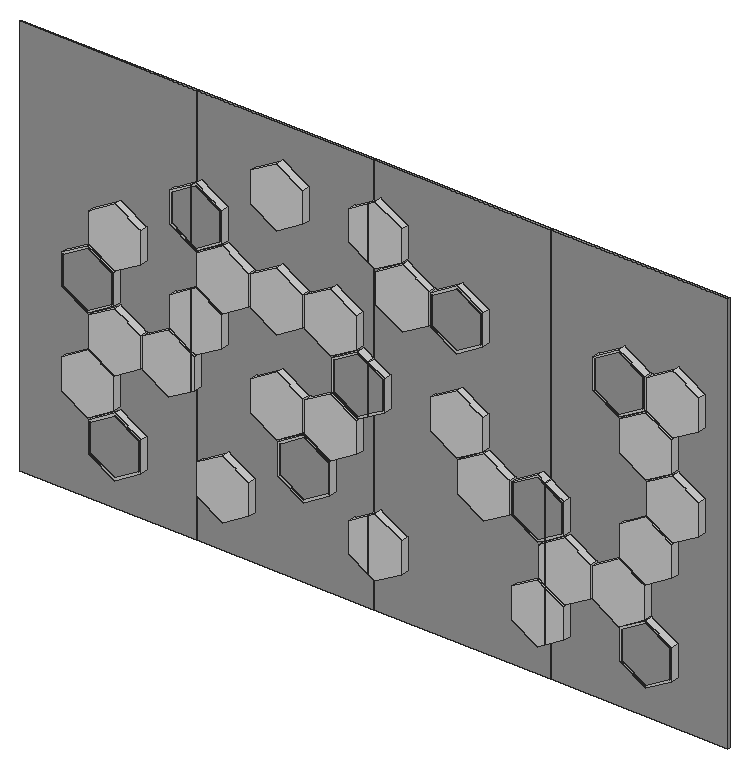
Revit family "SUR-FPG-035_HONEYCOMB_RFA", category Modelos genéricos, Revit 2022 (continued)
Forms (in)
  Extrusion 208, solid, not visible
    sketch origin (0, 24, 0) x (0, 1, 0) y (0, 0, 1)
      loop
        line (0.42351, 2.24072) -> (0.33294, 2.15016) -> (0.33294, 1.7291)
    from 0 to 96.9361
  Extrusion 209, solid, not visible
    sketch origin (0, 48, 0) x (0, 1, 0) y (0, 0, 1)
      loop
        line (0.42221, 1.66259) -> (0.42231, 0.67354)
        arc (0.42231, 0.67354) -> (0.41009, 0.64403) -> (0.38057, 0.6318) r 0.04174
        line (0.38057, 0.6318) -> (-0.00639, 0.6318) -> (-0.00639, 0.59057) -> (0.8874, 0.59057) -> (0.8874, 0.6318) -> (0.49998, 0.6318)
        arc (0.49998, 0.6318) -> (0.47046, 0.64403) -> (0.45824, 0.67354) r 0.04174
        line (0.45824, 0.67354) -> (0.45834, 1.66259)
        arc (0.45834, 1.66259) -> (0.46543, 1.67969) -> (0.48252, 1.68677) r 0.02418
        line (0.48252, 1.68677) -> (0.52252, 1.68677)
        arc (0.52252, 1.68677) -> (0.55303, 1.69941) -> (0.56566, 1.72991) r 0.04314
        line (0.56566, 1.72991) -> (0.56566, 2.14095)
        arc (0.56566, 2.14095) -> (0.5626, 2.15637) -> (0.55386, 2.16944) r 0.04029
        line (0.55386, 2.16944) -> (0.47053, 2.25277)
        arc (0.47053, 2.25277) -> (0.44027, 2.2653) -> (0.41002, 2.25277) r 0.04279
        line (0.41002, 2.25277) -> (0.32669, 2.16944)
        arc (0.32669, 2.16944) -> (0.31795, 2.15637) -> (0.31489, 2.14095) r 0.04029
        line (0.31489, 2.14095) -> (0.31489, 1.72991)
        arc (0.31489, 1.72991) -> (0.32752, 1.69941) -> (0.35803, 1.68677) r 0.04314
        line (0.35803, 1.68677) -> (0.39803, 1.68677)
        arc (0.39803, 1.68677) -> (0.41512, 1.67969) -> (0.42221, 1.66259) r 0.02418
      loop
        arc (0.33294, 1.7291) -> (0.34005, 1.71194) -> (0.35722, 1.70483) r 0.02428
        line (0.35722, 1.70483) -> (0.39815, 1.70483)
        arc (0.39815, 1.70483) -> (0.42797, 1.69248) -> (0.44023, 1.66266) r 0.04217
        arc (0.44023, 1.66266) -> (0.45258, 1.69248) -> (0.4824, 1.70483) r 0.04217
        line (0.4824, 1.70483) -> (0.52333, 1.70483)
        arc (0.52333, 1.70483) -> (0.54049, 1.71194) -> (0.54761, 1.7291) r 0.02428
        line (0.54761, 1.7291) -> (0.54761, 2.15016) -> (0.45704, 2.24072)
        arc (0.45704, 2.24072) -> (0.44027, 2.24767) -> (0.42351, 2.24072) r 0.02371
        line (0.42351, 2.24072) -> (0.33294, 2.15016) -> (0.33294, 1.7291)
    from 0 to 96.9361
  Extrusion 210, solid, not visible
    sketch origin (0, 72, 0) x (0, 1, 0) y (0, 0, 1)
      loop
        line (0.42221, 1.66259) -> (0.42231, 0.67354)
        arc (0.42231, 0.67354) -> (0.41009, 0.64403) -> (0.38057, 0.6318) r 0.04174
        line (0.38057, 0.6318) -> (-0.00639, 0.6318) -> (-0.00639, 0.59057) -> (0.8874, 0.59057) -> (0.8874, 0.6318) -> (0.49998, 0.6318)
        arc (0.49998, 0.6318) -> (0.47046, 0.64403) -> (0.45824, 0.67354) r 0.04174
        line (0.45824, 0.67354) -> (0.45834, 1.66259)
        arc (0.45834, 1.66259) -> (0.46543, 1.67969) -> (0.48252, 1.68677) r 0.02418
        line (0.48252, 1.68677) -> (0.52252, 1.68677)
        arc (0.52252, 1.68677) -> (0.55303, 1.69941) -> (0.56566, 1.72991) r 0.04314
        line (0.56566, 1.72991) -> (0.56566, 2.14095)
        arc (0.56566, 2.14095) -> (0.5626, 2.15637) -> (0.55386, 2.16944) r 0.04029
        line (0.55386, 2.16944) -> (0.47053, 2.25277)
        arc (0.47053, 2.25277) -> (0.44027, 2.2653) -> (0.41002, 2.25277) r 0.04279
        line (0.41002, 2.25277) -> (0.32669, 2.16944)
        arc (0.32669, 2.16944) -> (0.31795, 2.15637) -> (0.31489, 2.14095) r 0.04029
        line (0.31489, 2.14095) -> (0.31489, 1.72991)
        arc (0.31489, 1.72991) -> (0.32752, 1.69941) -> (0.35803, 1.68677) r 0.04314
        line (0.35803, 1.68677) -> (0.39803, 1.68677)
        arc (0.39803, 1.68677) -> (0.41512, 1.67969) -> (0.42221, 1.66259) r 0.02418
      loop
        arc (0.33294, 1.7291) -> (0.34005, 1.71194) -> (0.35722, 1.70483) r 0.02428
        line (0.35722, 1.70483) -> (0.39815, 1.70483)
        arc (0.39815, 1.70483) -> (0.42797, 1.69248) -> (0.44023, 1.66266) r 0.04217
        arc (0.44023, 1.66266) -> (0.45258, 1.69248) -> (0.4824, 1.70483) r 0.04217
        line (0.4824, 1.70483) -> (0.52333, 1.70483)
        arc (0.52333, 1.70483) -> (0.54049, 1.71194) -> (0.54761, 1.7291) r 0.02428
        line (0.54761, 1.7291) -> (0.54761, 2.15016) -> (0.45704, 2.24072)
        arc (0.45704, 2.24072) -> (0.44027, 2.24767) -> (0.42351, 2.24072) r 0.02371
        line (0.42351, 2.24072) -> (0.33294, 2.15016) -> (0.33294, 1.7291)
    from 0 to 96.9361
  Extrusion 211, solid, not visible
    sketch origin (0, 96, 0) x (0, 1, 0) y (0, 0, 1)
      loop
        line (0.42221, 1.66259) -> (0.42231, 0.67354)
        arc (0.42231, 0.67354) -> (0.41009, 0.64403) -> (0.38057, 0.6318) r 0.04174
        line (0.38057, 0.6318) -> (-0.00639, 0.6318) -> (-0.00639, 0.59057) -> (0.8874, 0.59057) -> (0.8874, 0.6318) -> (0.49998, 0.6318)
        arc (0.49998, 0.6318) -> (0.47046, 0.64403) -> (0.45824, 0.67354) r 0.04174
        line (0.45824, 0.67354) -> (0.45834, 1.66259)
        arc (0.45834, 1.66259) -> (0.46543, 1.67969) -> (0.48252, 1.68677) r 0.02418
        line (0.48252, 1.68677) -> (0.52252, 1.68677)
        arc (0.52252, 1.68677) -> (0.55303, 1.69941) -> (0.56566, 1.72991) r 0.04314
        line (0.56566, 1.72991) -> (0.56566, 2.14095)
        arc (0.56566, 2.14095) -> (0.5626, 2.15637) -> (0.55386, 2.16944) r 0.04029
        line (0.55386, 2.16944) -> (0.47053, 2.25277)
        arc (0.47053, 2.25277) -> (0.44027, 2.2653) -> (0.41002, 2.25277) r 0.04279
        line (0.41002, 2.25277) -> (0.32669, 2.16944)
        arc (0.32669, 2.16944) -> (0.31795, 2.15637) -> (0.31489, 2.14095) r 0.04029
        line (0.31489, 2.14095) -> (0.31489, 1.72991)
        arc (0.31489, 1.72991) -> (0.32752, 1.69941) -> (0.35803, 1.68677) r 0.04314
        line (0.35803, 1.68677) -> (0.39803, 1.68677)
        arc (0.39803, 1.68677) -> (0.41512, 1.67969) -> (0.42221, 1.66259) r 0.02418
      loop
        arc (0.33294, 1.7291) -> (0.34005, 1.71194) -> (0.35722, 1.70483) r 0.02428
        line (0.35722, 1.70483) -> (0.39815, 1.70483)
        arc (0.39815, 1.70483) -> (0.42797, 1.69248) -> (0.44023, 1.66266) r 0.04217
        arc (0.44023, 1.66266) -> (0.45258, 1.69248) -> (0.4824, 1.70483) r 0.04217
        line (0.4824, 1.70483) -> (0.52333, 1.70483)
        arc (0.52333, 1.70483) -> (0.54049, 1.71194) -> (0.54761, 1.7291) r 0.02428
        line (0.54761, 1.7291) -> (0.54761, 2.15016) -> (0.45704, 2.24072)
        arc (0.45704, 2.24072) -> (0.44027, 2.24767) -> (0.42351, 2.24072) r 0.02371
        line (0.42351, 2.24072) -> (0.33294, 2.15016) -> (0.33294, 1.7291)
    from 0 to 96.9361
  Extrusion 212, solid, not visible
    sketch origin (48.02754, 154.90856, 0) x (1, 0, 0) y (0, 0, 1)
      loop
        line (0.42221, 1.66259) -> (0.42231, 0.67354)
        arc (0.42231, 0.67354) -> (0.41009, 0.64403) -> (0.38057, 0.6318) r 0.04174
        line (0.38057, 0.6318) -> (-0.00639, 0.6318) -> (-0.00639, 0.59057) -> (0.8874, 0.59057) -> (0.8874, 0.6318) -> (0.49998, 0.6318)
        arc (0.49998, 0.6318) -> (0.47046, 0.64403) -> (0.45824, 0.67354) r 0.04174
        line (0.45824, 0.67354) -> (0.45834, 1.66259)
        arc (0.45834, 1.66259) -> (0.46543, 1.67969) -> (0.48252, 1.68677) r 0.02418
        line (0.48252, 1.68677) -> (0.52252, 1.68677)
        arc (0.52252, 1.68677) -> (0.55303, 1.69941) -> (0.56566, 1.72991) r 0.04314
        line (0.56566, 1.72991) -> (0.56566, 2.14095)
        arc (0.56566, 2.14095) -> (0.5626, 2.15637) -> (0.55386, 2.16944) r 0.04029
        line (0.55386, 2.16944) -> (0.47053, 2.25277)
        arc (0.47053, 2.25277) -> (0.44027, 2.2653) -> (0.41002, 2.25277) r 0.04279
        line (0.41002, 2.25277) -> (0.32669, 2.16944)
        arc (0.32669, 2.16944) -> (0.31795, 2.15637) -> (0.31489, 2.14095) r 0.04029
        line (0.31489, 2.14095) -> (0.31489, 1.72991)
        arc (0.31489, 1.72991) -> (0.32752, 1.69941) -> (0.35803, 1.68677) r 0.04314
        line (0.35803, 1.68677) -> (0.39803, 1.68677)
        arc (0.39803, 1.68677) -> (0.41512, 1.67969) -> (0.42221, 1.66259) r 0.02418
      loop
        arc (0.33294, 1.7291) -> (0.34005, 1.71194) -> (0.35722, 1.70483) r 0.02428
        line (0.35722, 1.70483) -> (0.39815, 1.70483)
        arc (0.39815, 1.70483) -> (0.42797, 1.69248) -> (0.44023, 1.66266) r 0.04217
        arc (0.44023, 1.66266) -> (0.45258, 1.69248) -> (0.4824, 1.70483) r 0.04217
        line (0.4824, 1.70483) -> (0.52333, 1.70483)
        arc (0.52333, 1.70483) -> (0.54049, 1.71194) -> (0.54761, 1.7291) r 0.02428
        line (0.54761, 1.7291) -> (0.54761, 2.15016) -> (0.45704, 2.24072)
        arc (0.45704, 2.24072) -> (0.44027, 2.24767) -> (0.42351, 2.24072) r 0.02371
        line (0.42351, 2.24072) -> (0.33294, 2.15016) -> (0.33294, 1.7291)
    from 58.93614 to 81.99864
  Extrusion 213, solid, not visible
    sketch origin (72.02767, 154.90856, 0) x (1, 0, 0) y (0, 0, 1)
      loop
        line (0.42221, 1.66259) -> (0.42231, 0.67354)
        arc (0.42231, 0.67354) -> (0.41009, 0.64403) -> (0.38057, 0.6318) r 0.04174
        line (0.38057, 0.6318) -> (-0.00639, 0.6318) -> (-0.00639, 0.59057) -> (0.8874, 0.59057) -> (0.8874, 0.6318) -> (0.49998, 0.6318)
        arc (0.49998, 0.6318) -> (0.47046, 0.64403) -> (0.45824, 0.67354) r 0.04174
        line (0.45824, 0.67354) -> (0.45834, 1.66259)
        arc (0.45834, 1.66259) -> (0.46543, 1.67969) -> (0.48252, 1.68677) r 0.02418
        line (0.48252, 1.68677) -> (0.52252, 1.68677)
        arc (0.52252, 1.68677) -> (0.55303, 1.69941) -> (0.56566, 1.72991) r 0.04314
        line (0.56566, 1.72991) -> (0.56566, 2.14095)
        arc (0.56566, 2.14095) -> (0.5626, 2.15637) -> (0.55386, 2.16944) r 0.04029
        line (0.55386, 2.16944) -> (0.47053, 2.25277)
        arc (0.47053, 2.25277) -> (0.44027, 2.2653) -> (0.41002, 2.25277) r 0.04279
        line (0.41002, 2.25277) -> (0.32669, 2.16944)
        arc (0.32669, 2.16944) -> (0.31795, 2.15637) -> (0.31489, 2.14095) r 0.04029
        line (0.31489, 2.14095) -> (0.31489, 1.72991)
        arc (0.31489, 1.72991) -> (0.32752, 1.69941) -> (0.35803, 1.68677) r 0.04314
        line (0.35803, 1.68677) -> (0.39803, 1.68677)
        arc (0.39803, 1.68677) -> (0.41512, 1.67969) -> (0.42221, 1.66259) r 0.02418
      loop
        arc (0.33294, 1.7291) -> (0.34005, 1.71194) -> (0.35722, 1.70483) r 0.02428
        line (0.35722, 1.70483) -> (0.39815, 1.70483)
        arc (0.39815, 1.70483) -> (0.42797, 1.69248) -> (0.44023, 1.66266) r 0.04217
        arc (0.44023, 1.66266) -> (0.45258, 1.69248) -> (0.4824, 1.70483) r 0.04217
        line (0.4824, 1.70483) -> (0.52333, 1.70483)
        arc (0.52333, 1.70483) -> (0.54049, 1.71194) -> (0.54761, 1.7291) r 0.02428
        line (0.54761, 1.7291) -> (0.54761, 2.15016) -> (0.45704, 2.24072)
        arc (0.45704, 2.24072) -> (0.44027, 2.24767) -> (0.42351, 2.24072) r 0.02371
        line (0.42351, 2.24072) -> (0.33294, 2.15016) -> (0.33294, 1.7291)
    from 58.93614 to 81.99864
  Extrusion 214, solid, not visible
    sketch origin (96.02767, 154.90856, 0) x (1, 0, 0) y (0, 0, 1)
      loop
        line (0.42221, 1.66259) -> (0.42231, 0.67354)
        arc (0.42231, 0.67354) -> (0.41009, 0.64403) -> (0.38057, 0.6318) r 0.04174
        line (0.38057, 0.6318) -> (-0.00639, 0.6318) -> (-0.00639, 0.59057) -> (0.8874, 0.59057) -> (0.8874, 0.6318) -> (0.49998, 0.6318)
        arc (0.49998, 0.6318) -> (0.47046, 0.64403) -> (0.45824, 0.67354) r 0.04174
        line (0.45824, 0.67354) -> (0.45834, 1.66259)
        arc (0.45834, 1.66259) -> (0.46543, 1.67969) -> (0.48252, 1.68677) r 0.02418
        line (0.48252, 1.68677) -> (0.52252, 1.68677)
        arc (0.52252, 1.68677) -> (0.55303, 1.69941) -> (0.56566, 1.72991) r 0.04314
        line (0.56566, 1.72991) -> (0.56566, 2.14095)
        arc (0.56566, 2.14095) -> (0.5626, 2.15637) -> (0.55386, 2.16944) r 0.04029
        line (0.55386, 2.16944) -> (0.47053, 2.25277)
        arc (0.47053, 2.25277) -> (0.44027, 2.2653) -> (0.41002, 2.25277) r 0.04279
        line (0.41002, 2.25277) -> (0.32669, 2.16944)
        arc (0.32669, 2.16944) -> (0.31795, 2.15637) -> (0.31489, 2.14095) r 0.04029
        line (0.31489, 2.14095) -> (0.31489, 1.72991)
        arc (0.31489, 1.72991) -> (0.32752, 1.69941) -> (0.35803, 1.68677) r 0.04314
        line (0.35803, 1.68677) -> (0.39803, 1.68677)
        arc (0.39803, 1.68677) -> (0.41512, 1.67969) -> (0.42221, 1.66259) r 0.02418
      loop
        arc (0.33294, 1.7291) -> (0.34005, 1.71194) -> (0.35722, 1.70483) r 0.02428
        line (0.35722, 1.70483) -> (0.39815, 1.70483)
        arc (0.39815, 1.70483) -> (0.42797, 1.69248) -> (0.44023, 1.66266) r 0.04217
        arc (0.44023, 1.66266) -> (0.45258, 1.69248) -> (0.4824, 1.70483) r 0.04217
        line (0.4824, 1.70483) -> (0.52333, 1.70483)
        arc (0.52333, 1.70483) -> (0.54049, 1.71194) -> (0.54761, 1.7291) r 0.02428
        line (0.54761, 1.7291) -> (0.54761, 2.15016) -> (0.45704, 2.24072)
        arc (0.45704, 2.24072) -> (0.44027, 2.24767) -> (0.42351, 2.24072) r 0.02371
        line (0.42351, 2.24072) -> (0.33294, 2.15016) -> (0.33294, 1.7291)
    from 58.93614 to 81.99864
  Extrusion 215, solid, not visible
    sketch origin (24.02767, 154.90856, 0) x (1, 0, 0) y (0, 0, 1)
      loop
        line (0.42221, 1.66259) -> (0.42231, 0.67354)
        arc (0.42231, 0.67354) -> (0.41009, 0.64403) -> (0.38057, 0.6318) r 0.04174
        line (0.38057, 0.6318) -> (-0.00639, 0.6318) -> (-0.00639, 0.59057) -> (0.8874, 0.59057) -> (0.8874, 0.6318) -> (0.49998, 0.6318)
        arc (0.49998, 0.6318) -> (0.47046, 0.64403) -> (0.45824, 0.67354) r 0.04174
        line (0.45824, 0.67354) -> (0.45834, 1.66259)
        arc (0.45834, 1.66259) -> (0.46543, 1.67969) -> (0.48252, 1.68677) r 0.02418
        line (0.48252, 1.68677) -> (0.52252, 1.68677)
        arc (0.52252, 1.68677) -> (0.55303, 1.69941) -> (0.56566, 1.72991) r 0.04314
        line (0.56566, 1.72991) -> (0.56566, 2.14095)
        arc (0.56566, 2.14095) -> (0.5626, 2.15637) -> (0.55386, 2.16944) r 0.04029
        line (0.55386, 2.16944) -> (0.47053, 2.25277)
        arc (0.47053, 2.25277) -> (0.44027, 2.2653) -> (0.41002, 2.25277) r 0.04279
        line (0.41002, 2.25277) -> (0.32669, 2.16944)
        arc (0.32669, 2.16944) -> (0.31795, 2.15637) -> (0.31489, 2.14095) r 0.04029
        line (0.31489, 2.14095) -> (0.31489, 1.72991)
        arc (0.31489, 1.72991) -> (0.32752, 1.69941) -> (0.35803, 1.68677) r 0.04314
        line (0.35803, 1.68677) -> (0.39803, 1.68677)
        arc (0.39803, 1.68677) -> (0.41512, 1.67969) -> (0.42221, 1.66259) r 0.02418
      loop
        arc (0.33294, 1.7291) -> (0.34005, 1.71194) -> (0.35722, 1.70483) r 0.02428
        line (0.35722, 1.70483) -> (0.39815, 1.70483)
        arc (0.39815, 1.70483) -> (0.42797, 1.69248) -> (0.44023, 1.66266) r 0.04217
        arc (0.44023, 1.66266) -> (0.45258, 1.69248) -> (0.4824, 1.70483) r 0.04217
        line (0.4824, 1.70483) -> (0.52333, 1.70483)
        arc (0.52333, 1.70483) -> (0.54049, 1.71194) -> (0.54761, 1.7291) r 0.02428
        line (0.54761, 1.7291) -> (0.54761, 2.15016) -> (0.45704, 2.24072)
        arc (0.45704, 2.24072) -> (0.44027, 2.24767) -> (0.42351, 2.24072) r 0.02371
        line (0.42351, 2.24072) -> (0.33294, 2.15016) -> (0.33294, 1.7291)
    from 58.93614 to 81.99864
  Extrusion 216, solid, not visible
    sketch origin (0.02767, 154.90856, 0) x (1, 0, 0) y (0, 0, 1)
      loop
        line (0.42221, 1.66259) -> (0.42231, 0.67354)
        arc (0.42231, 0.67354) -> (0.41009, 0.64403) -> (0.38057, 0.6318) r 0.04174
        line (0.38057, 0.6318) -> (-0.00639, 0.6318) -> (-0.00639, 0.59057) -> (0.8874, 0.59057) -> (0.8874, 0.6318) -> (0.49998, 0.6318)
        arc (0.49998, 0.6318) -> (0.47046, 0.64403) -> (0.45824, 0.67354) r 0.04174
        line (0.45824, 0.67354) -> (0.45834, 1.66259)
        arc (0.45834, 1.66259) -> (0.46543, 1.67969) -> (0.48252, 1.68677) r 0.02418
        line (0.48252, 1.68677) -> (0.52252, 1.68677)
        arc (0.52252, 1.68677) -> (0.55303, 1.69941) -> (0.56566, 1.72991) r 0.04314
        line (0.56566, 1.72991) -> (0.56566, 2.14095)
        arc (0.56566, 2.14095) -> (0.5626, 2.15637) -> (0.55386, 2.16944) r 0.04029
        line (0.55386, 2.16944) -> (0.47053, 2.25277)
        arc (0.47053, 2.25277) -> (0.44027, 2.2653) -> (0.41002, 2.25277) r 0.04279
        line (0.41002, 2.25277) -> (0.32669, 2.16944)
        arc (0.32669, 2.16944) -> (0.31795, 2.15637) -> (0.31489, 2.14095) r 0.04029
        line (0.31489, 2.14095) -> (0.31489, 1.72991)
        arc (0.31489, 1.72991) -> (0.32752, 1.69941) -> (0.35803, 1.68677) r 0.04314
        line (0.35803, 1.68677) -> (0.39803, 1.68677)
        arc (0.39803, 1.68677) -> (0.41512, 1.67969) -> (0.42221, 1.66259) r 0.02418
      loop
        arc (0.33294, 1.7291) -> (0.34005, 1.71194) -> (0.35722, 1.70483) r 0.02428
        line (0.35722, 1.70483) -> (0.39815, 1.70483)
        arc (0.39815, 1.70483) -> (0.42797, 1.69248) -> (0.44023, 1.66266) r 0.04217
        arc (0.44023, 1.66266) -> (0.45258, 1.69248) -> (0.4824, 1.70483) r 0.04217
        line (0.4824, 1.70483) -> (0.52333, 1.70483)
        arc (0.52333, 1.70483) -> (0.54049, 1.71194) -> (0.54761, 1.7291) r 0.02428
        line (0.54761, 1.7291) -> (0.54761, 2.15016) -> (0.45704, 2.24072)
        arc (0.45704, 2.24072) -> (0.44027, 2.24767) -> (0.42351, 2.24072) r 0.02371
        line (0.42351, 2.24072) -> (0.33294, 2.15016) -> (0.33294, 1.7291)
    from 58.93614 to 81.99864
  Extrusion 217, solid, not visible
    sketch origin (48.02754, 130.90855, 0) x (1, 0, 0) y (0, 0, 1)
      loop
        line (0.42221, 1.66259) -> (0.42231, 0.67354)
        arc (0.42231, 0.67354) -> (0.41009, 0.64403) -> (0.38057, 0.6318) r 0.04174
        line (0.38057, 0.6318) -> (-0.00639, 0.6318) -> (-0.00639, 0.59057) -> (0.8874, 0.59057) -> (0.8874, 0.6318) -> (0.49998, 0.6318)
        arc (0.49998, 0.6318) -> (0.47046, 0.64403) -> (0.45824, 0.67354) r 0.04174
        line (0.45824, 0.67354) -> (0.45834, 1.66259)
        arc (0.45834, 1.66259) -> (0.46543, 1.67969) -> (0.48252, 1.68677) r 0.02418
        line (0.48252, 1.68677) -> (0.52252, 1.68677)
        arc (0.52252, 1.68677) -> (0.55303, 1.69941) -> (0.56566, 1.72991) r 0.04314
        line (0.56566, 1.72991) -> (0.56566, 2.14095)
        arc (0.56566, 2.14095) -> (0.5626, 2.15637) -> (0.55386, 2.16944) r 0.04029
        line (0.55386, 2.16944) -> (0.47053, 2.25277)
        arc (0.47053, 2.25277) -> (0.44027, 2.2653) -> (0.41002, 2.25277) r 0.04279
        line (0.41002, 2.25277) -> (0.32669, 2.16944)
        arc (0.32669, 2.16944) -> (0.31795, 2.15637) -> (0.31489, 2.14095) r 0.04029
        line (0.31489, 2.14095) -> (0.31489, 1.72991)
        arc (0.31489, 1.72991) -> (0.32752, 1.69941) -> (0.35803, 1.68677) r 0.04314
        line (0.35803, 1.68677) -> (0.39803, 1.68677)
        arc (0.39803, 1.68677) -> (0.41512, 1.67969) -> (0.42221, 1.66259) r 0.02418
      loop
        arc (0.33294, 1.7291) -> (0.34005, 1.71194) -> (0.35722, 1.70483) r 0.02428
        line (0.35722, 1.70483) -> (0.39815, 1.70483)
        arc (0.39815, 1.70483) -> (0.42797, 1.69248) -> (0.44023, 1.66266) r 0.04217
        arc (0.44023, 1.66266) -> (0.45258, 1.69248) -> (0.4824, 1.70483) r 0.04217
        line (0.4824, 1.70483) -> (0.52333, 1.70483)
        arc (0.52333, 1.70483) -> (0.54049, 1.71194) -> (0.54761, 1.7291) r 0.02428
        line (0.54761, 1.7291) -> (0.54761, 2.15016) -> (0.45704, 2.24072)
        arc (0.45704, 2.24072) -> (0.44027, 2.24767) -> (0.42351, 2.24072) r 0.02371
        line (0.42351, 2.24072) -> (0.33294, 2.15016) -> (0.33294, 1.7291)
    from 58.93614 to 81.99864
  Extrusion 218, solid, not visible
    sketch origin (72.02767, 130.90855, 0) x (1, 0, 0) y (0, 0, 1)
      loop
        line (0.42221, 1.66259) -> (0.42231, 0.67354)
        arc (0.42231, 0.67354) -> (0.41009, 0.64403) -> (0.38057, 0.6318) r 0.04174
        line (0.38057, 0.6318) -> (-0.00639, 0.6318) -> (-0.00639, 0.59057) -> (0.8874, 0.59057) -> (0.8874, 0.6318) -> (0.49998, 0.6318)
        arc (0.49998, 0.6318) -> (0.47046, 0.64403) -> (0.45824, 0.67354) r 0.04174
        line (0.45824, 0.67354) -> (0.45834, 1.66259)
        arc (0.45834, 1.66259) -> (0.46543, 1.67969) -> (0.48252, 1.68677) r 0.02418
        line (0.48252, 1.68677) -> (0.52252, 1.68677)
        arc (0.52252, 1.68677) -> (0.55303, 1.69941) -> (0.56566, 1.72991) r 0.04314
        line (0.56566, 1.72991) -> (0.56566, 2.14095)
        arc (0.56566, 2.14095) -> (0.5626, 2.15637) -> (0.55386, 2.16944) r 0.04029
        line (0.55386, 2.16944) -> (0.47053, 2.25277)
        arc (0.47053, 2.25277) -> (0.44027, 2.2653) -> (0.41002, 2.25277) r 0.04279
        line (0.41002, 2.25277) -> (0.32669, 2.16944)
        arc (0.32669, 2.16944) -> (0.31795, 2.15637) -> (0.31489, 2.14095) r 0.04029
        line (0.31489, 2.14095) -> (0.31489, 1.72991)
        arc (0.31489, 1.72991) -> (0.32752, 1.69941) -> (0.35803, 1.68677) r 0.04314
        line (0.35803, 1.68677) -> (0.39803, 1.68677)
        arc (0.39803, 1.68677) -> (0.41512, 1.67969) -> (0.42221, 1.66259) r 0.02418
      loop
        arc (0.33294, 1.7291) -> (0.34005, 1.71194) -> (0.35722, 1.70483) r 0.02428
        line (0.35722, 1.70483) -> (0.39815, 1.70483)
        arc (0.39815, 1.70483) -> (0.42797, 1.69248) -> (0.44023, 1.66266) r 0.04217
        arc (0.44023, 1.66266) -> (0.45258, 1.69248) -> (0.4824, 1.70483) r 0.04217
        line (0.4824, 1.70483) -> (0.52333, 1.70483)
        arc (0.52333, 1.70483) -> (0.54049, 1.71194) -> (0.54761, 1.7291) r 0.02428
        line (0.54761, 1.7291) -> (0.54761, 2.15016) -> (0.45704, 2.24072)
        arc (0.45704, 2.24072) -> (0.44027, 2.24767) -> (0.42351, 2.24072) r 0.02371
        line (0.42351, 2.24072) -> (0.33294, 2.15016) -> (0.33294, 1.7291)
    from 58.93614 to 81.99864
  Extrusion 219, solid, not visible
    sketch origin (96.02767, 130.90855, 0) x (1, 0, 0) y (0, 0, 1)
      loop
        line (0.42221, 1.66259) -> (0.42231, 0.67354)
        arc (0.42231, 0.67354) -> (0.41009, 0.64403) -> (0.38057, 0.6318) r 0.04174
        line (0.38057, 0.6318) -> (-0.00639, 0.6318) -> (-0.00639, 0.59057) -> (0.8874, 0.59057) -> (0.8874, 0.6318) -> (0.49998, 0.6318)
        arc (0.49998, 0.6318) -> (0.47046, 0.64403) -> (0.45824, 0.67354) r 0.04174
        line (0.45824, 0.67354) -> (0.45834, 1.66259)
        arc (0.45834, 1.66259) -> (0.46543, 1.67969) -> (0.48252, 1.68677) r 0.02418
        line (0.48252, 1.68677) -> (0.52252, 1.68677)
        arc (0.52252, 1.68677) -> (0.55303, 1.69941) -> (0.56566, 1.72991) r 0.04314
        line (0.56566, 1.72991) -> (0.56566, 2.14095)
        arc (0.56566, 2.14095) -> (0.5626, 2.15637) -> (0.55386, 2.16944) r 0.04029
        line (0.55386, 2.16944) -> (0.47053, 2.25277)
        arc (0.47053, 2.25277) -> (0.44027, 2.2653) -> (0.41002, 2.25277) r 0.04279
        line (0.41002, 2.25277) -> (0.32669, 2.16944)
        arc (0.32669, 2.16944) -> (0.31795, 2.15637) -> (0.31489, 2.14095) r 0.04029
        line (0.31489, 2.14095) -> (0.31489, 1.72991)
        arc (0.31489, 1.72991) -> (0.32752, 1.69941) -> (0.35803, 1.68677) r 0.04314
        line (0.35803, 1.68677) -> (0.39803, 1.68677)
        arc (0.39803, 1.68677) -> (0.41512, 1.67969) -> (0.42221, 1.66259) r 0.02418
      loop
        arc (0.33294, 1.7291) -> (0.34005, 1.71194) -> (0.35722, 1.70483) r 0.02428
        line (0.35722, 1.70483) -> (0.39815, 1.70483)
        arc (0.39815, 1.70483) -> (0.42797, 1.69248) -> (0.44023, 1.66266) r 0.04217
        arc (0.44023, 1.66266) -> (0.45258, 1.69248) -> (0.4824, 1.70483) r 0.04217
        line (0.4824, 1.70483) -> (0.52333, 1.70483)
        arc (0.52333, 1.70483) -> (0.54049, 1.71194) -> (0.54761, 1.7291) r 0.02428
        line (0.54761, 1.7291) -> (0.54761, 2.15016) -> (0.45704, 2.24072)
        arc (0.45704, 2.24072) -> (0.44027, 2.24767) -> (0.42351, 2.24072) r 0.02371
        line (0.42351, 2.24072) -> (0.33294, 2.15016) -> (0.33294, 1.7291)
    from 58.93614 to 81.99864
  Extrusion 220, solid, not visible
    sketch origin (24.02767, 130.90855, 0) x (1, 0, 0) y (0, 0, 1)
      loop
        line (0.42221, 1.66259) -> (0.42231, 0.67354)
        arc (0.42231, 0.67354) -> (0.41009, 0.64403) -> (0.38057, 0.6318) r 0.04174
        line (0.38057, 0.6318) -> (-0.00639, 0.6318) -> (-0.00639, 0.59057) -> (0.8874, 0.59057) -> (0.8874, 0.6318) -> (0.49998, 0.6318)
        arc (0.49998, 0.6318) -> (0.47046, 0.64403) -> (0.45824, 0.67354) r 0.04174
        line (0.45824, 0.67354) -> (0.45834, 1.66259)
        arc (0.45834, 1.66259) -> (0.46543, 1.67969) -> (0.48252, 1.68677) r 0.02418
        line (0.48252, 1.68677) -> (0.52252, 1.68677)
        arc (0.52252, 1.68677) -> (0.55303, 1.69941) -> (0.56566, 1.72991) r 0.04314
        line (0.56566, 1.72991) -> (0.56566, 2.14095)
        arc (0.56566, 2.14095) -> (0.5626, 2.15637) -> (0.55386, 2.16944) r 0.04029
        line (0.55386, 2.16944) -> (0.47053, 2.25277)
        arc (0.47053, 2.25277) -> (0.44027, 2.2653) -> (0.41002, 2.25277) r 0.04279
        line (0.41002, 2.25277) -> (0.32669, 2.16944)
        arc (0.32669, 2.16944) -> (0.31795, 2.15637) -> (0.31489, 2.14095) r 0.04029
        line (0.31489, 2.14095) -> (0.31489, 1.72991)
        arc (0.31489, 1.72991) -> (0.32752, 1.69941) -> (0.35803, 1.68677) r 0.04314
        line (0.35803, 1.68677) -> (0.39803, 1.68677)
        arc (0.39803, 1.68677) -> (0.41512, 1.67969) -> (0.42221, 1.66259) r 0.02418
      loop
        arc (0.33294, 1.7291) -> (0.34005, 1.71194) -> (0.35722, 1.70483) r 0.02428
        line (0.35722, 1.70483) -> (0.39815, 1.70483)
        arc (0.39815, 1.70483) -> (0.42797, 1.69248) -> (0.44023, 1.66266) r 0.04217
        arc (0.44023, 1.66266) -> (0.45258, 1.69248) -> (0.4824, 1.70483) r 0.04217
        line (0.4824, 1.70483) -> (0.52333, 1.70483)
        arc (0.52333, 1.70483) -> (0.54049, 1.71194) -> (0.54761, 1.7291) r 0.02428
        line (0.54761, 1.7291) -> (0.54761, 2.15016) -> (0.45704, 2.24072)
        arc (0.45704, 2.24072) -> (0.44027, 2.24767) -> (0.42351, 2.24072) r 0.02371
        line (0.42351, 2.24072) -> (0.33294, 2.15016) -> (0.33294, 1.7291)
    from 58.93614 to 81.99864
  Extrusion 221, solid, not visible
    sketch origin (0.02767, 130.90855, 0) x (1, 0, 0) y (0, 0, 1)
      loop
        line (0.42221, 1.66259) -> (0.42231, 0.67354)
        arc (0.42231, 0.67354) -> (0.41009, 0.64403) -> (0.38057, 0.6318) r 0.04174
        line (0.38057, 0.6318) -> (-0.00639, 0.6318) -> (-0.00639, 0.59057) -> (0.8874, 0.59057) -> (0.8874, 0.6318) -> (0.49998, 0.6318)
        arc (0.49998, 0.6318) -> (0.47046, 0.64403) -> (0.45824, 0.67354) r 0.04174
        line (0.45824, 0.67354) -> (0.45834, 1.66259)
        arc (0.45834, 1.66259) -> (0.46543, 1.67969) -> (0.48252, 1.68677) r 0.02418
        line (0.48252, 1.68677) -> (0.52252, 1.68677)
        arc (0.52252, 1.68677) -> (0.55303, 1.69941) -> (0.56566, 1.72991) r 0.04314
        line (0.56566, 1.72991) -> (0.56566, 2.14095)
        arc (0.56566, 2.14095) -> (0.5626, 2.15637) -> (0.55386, 2.16944) r 0.04029
        line (0.55386, 2.16944) -> (0.47053, 2.25277)
        arc (0.47053, 2.25277) -> (0.44027, 2.2653) -> (0.41002, 2.25277) r 0.04279
        line (0.41002, 2.25277) -> (0.32669, 2.16944)
        arc (0.32669, 2.16944) -> (0.31795, 2.15637) -> (0.31489, 2.14095) r 0.04029
        line (0.31489, 2.14095) -> (0.31489, 1.72991)
        arc (0.31489, 1.72991) -> (0.32752, 1.69941) -> (0.35803, 1.68677) r 0.04314
        line (0.35803, 1.68677) -> (0.39803, 1.68677)
        arc (0.39803, 1.68677) -> (0.41512, 1.67969) -> (0.42221, 1.66259) r 0.02418
      loop
        arc (0.33294, 1.7291) -> (0.34005, 1.71194) -> (0.35722, 1.70483) r 0.02428
        line (0.35722, 1.70483) -> (0.39815, 1.70483)
        arc (0.39815, 1.70483) -> (0.42797, 1.69248) -> (0.44023, 1.66266) r 0.04217
        arc (0.44023, 1.66266) -> (0.45258, 1.69248) -> (0.4824, 1.70483) r 0.04217
        line (0.4824, 1.70483) -> (0.52333, 1.70483)
        arc (0.52333, 1.70483) -> (0.54049, 1.71194) -> (0.54761, 1.7291) r 0.02428
        line (0.54761, 1.7291) -> (0.54761, 2.15016) -> (0.45704, 2.24072)
        arc (0.45704, 2.24072) -> (0.44027, 2.24767) -> (0.42351, 2.24072) r 0.02371
        line (0.42351, 2.24072) -> (0.33294, 2.15016) -> (0.33294, 1.7291)
    from 58.93614 to 81.99864
  Extrusion 222, solid, not visible
    sketch origin (48.02754, 106.90856, 0) x (1, 0, 0) y (0, 0, 1)
      loop
        line (0.42221, 1.66259) -> (0.42231, 0.67354)
        arc (0.42231, 0.67354) -> (0.41009, 0.64403) -> (0.38057, 0.6318) r 0.04174
        line (0.38057, 0.6318) -> (-0.00639, 0.6318) -> (-0.00639, 0.59057) -> (0.8874, 0.59057) -> (0.8874, 0.6318) -> (0.49998, 0.6318)
        arc (0.49998, 0.6318) -> (0.47046, 0.64403) -> (0.45824, 0.67354) r 0.04174
        line (0.45824, 0.67354) -> (0.45834, 1.66259)
        arc (0.45834, 1.66259) -> (0.46543, 1.67969) -> (0.48252, 1.68677) r 0.02418
        line (0.48252, 1.68677) -> (0.52252, 1.68677)
        arc (0.52252, 1.68677) -> (0.55303, 1.69941) -> (0.56566, 1.72991) r 0.04314
        line (0.56566, 1.72991) -> (0.56566, 2.14095)
        arc (0.56566, 2.14095) -> (0.5626, 2.15637) -> (0.55386, 2.16944) r 0.04029
        line (0.55386, 2.16944) -> (0.47053, 2.25277)
        arc (0.47053, 2.25277) -> (0.44027, 2.2653) -> (0.41002, 2.25277) r 0.04279
        line (0.41002, 2.25277) -> (0.32669, 2.16944)
        arc (0.32669, 2.16944) -> (0.31795, 2.15637) -> (0.31489, 2.14095) r 0.04029
        line (0.31489, 2.14095) -> (0.31489, 1.72991)
        arc (0.31489, 1.72991) -> (0.32752, 1.69941) -> (0.35803, 1.68677) r 0.04314
        line (0.35803, 1.68677) -> (0.39803, 1.68677)
        arc (0.39803, 1.68677) -> (0.41512, 1.67969) -> (0.42221, 1.66259) r 0.02418
      loop
        arc (0.33294, 1.7291) -> (0.34005, 1.71194) -> (0.35722, 1.70483) r 0.02428
        line (0.35722, 1.70483) -> (0.39815, 1.70483)
        arc (0.39815, 1.70483) -> (0.42797, 1.69248) -> (0.44023, 1.66266) r 0.04217
        arc (0.44023, 1.66266) -> (0.45258, 1.69248) -> (0.4824, 1.70483) r 0.04217
        line (0.4824, 1.70483) -> (0.52333, 1.70483)
        arc (0.52333, 1.70483) -> (0.54049, 1.71194) -> (0.54761, 1.7291) r 0.02428
        line (0.54761, 1.7291) -> (0.54761, 2.15016) -> (0.45704, 2.24072)
        arc (0.45704, 2.24072) -> (0.44027, 2.24767) -> (0.42351, 2.24072) r 0.02371
        line (0.42351, 2.24072) -> (0.33294, 2.15016) -> (0.33294, 1.7291)
    from 58.93614 to 81.99864
  Extrusion 223, solid, not visible
    sketch origin (72.02767, 106.90856, 0) x (1, 0, 0) y (0, 0, 1)
      loop
        line (0.42221, 1.66259) -> (0.42231, 0.67354)
        arc (0.42231, 0.67354) -> (0.41009, 0.64403) -> (0.38057, 0.6318) r 0.04174
        line (0.38057, 0.6318) -> (-0.00639, 0.6318) -> (-0.00639, 0.59057) -> (0.8874, 0.59057) -> (0.8874, 0.6318) -> (0.49998, 0.6318)
        arc (0.49998, 0.6318) -> (0.47046, 0.64403) -> (0.45824, 0.67354) r 0.04174
        line (0.45824, 0.67354) -> (0.45834, 1.66259)
        arc (0.45834, 1.66259) -> (0.46543, 1.67969) -> (0.48252, 1.68677) r 0.02418
        line (0.48252, 1.68677) -> (0.52252, 1.68677)
        arc (0.52252, 1.68677) -> (0.55303, 1.69941) -> (0.56566, 1.72991) r 0.04314
        line (0.56566, 1.72991) -> (0.56566, 2.14095)
        arc (0.56566, 2.14095) -> (0.5626, 2.15637) -> (0.55386, 2.16944) r 0.04029
        line (0.55386, 2.16944) -> (0.47053, 2.25277)
        arc (0.47053, 2.25277) -> (0.44027, 2.2653) -> (0.41002, 2.25277) r 0.04279
        line (0.41002, 2.25277) -> (0.32669, 2.16944)
        arc (0.32669, 2.16944) -> (0.31795, 2.15637) -> (0.31489, 2.14095) r 0.04029
        line (0.31489, 2.14095) -> (0.31489, 1.72991)
        arc (0.31489, 1.72991) -> (0.32752, 1.69941) -> (0.35803, 1.68677) r 0.04314
        line (0.35803, 1.68677) -> (0.39803, 1.68677)
        arc (0.39803, 1.68677) -> (0.41512, 1.67969) -> (0.42221, 1.66259) r 0.02418
      loop
        arc (0.33294, 1.7291) -> (0.34005, 1.71194) -> (0.35722, 1.70483) r 0.02428
        line (0.35722, 1.70483) -> (0.39815, 1.70483)
        arc (0.39815, 1.70483) -> (0.42797, 1.69248) -> (0.44023, 1.66266) r 0.04217
        arc (0.44023, 1.66266) -> (0.45258, 1.69248) -> (0.4824, 1.70483) r 0.04217
        line (0.4824, 1.70483) -> (0.52333, 1.70483)
        arc (0.52333, 1.70483) -> (0.54049, 1.71194) -> (0.54761, 1.7291) r 0.02428
        line (0.54761, 1.7291) -> (0.54761, 2.15016) -> (0.45704, 2.24072)
        arc (0.45704, 2.24072) -> (0.44027, 2.24767) -> (0.42351, 2.24072) r 0.02371
        line (0.42351, 2.24072) -> (0.33294, 2.15016) -> (0.33294, 1.7291)
    from 58.93614 to 81.99864
  Extrusion 224, solid, not visible
    sketch origin (96.02767, 106.90856, 0) x (1, 0, 0) y (0, 0, 1)
      loop
        line (0.42221, 1.66259) -> (0.42231, 0.67354)
        arc (0.42231, 0.67354) -> (0.41009, 0.64403) -> (0.38057, 0.6318) r 0.04174
        line (0.38057, 0.6318) -> (-0.00639, 0.6318) -> (-0.00639, 0.59057) -> (0.8874, 0.59057) -> (0.8874, 0.6318) -> (0.49998, 0.6318)
        arc (0.49998, 0.6318) -> (0.47046, 0.64403) -> (0.45824, 0.67354) r 0.04174
        line (0.45824, 0.67354) -> (0.45834, 1.66259)
        arc (0.45834, 1.66259) -> (0.46543, 1.67969) -> (0.48252, 1.68677) r 0.02418
        line (0.48252, 1.68677) -> (0.52252, 1.68677)
        arc (0.52252, 1.68677) -> (0.55303, 1.69941) -> (0.56566, 1.72991) r 0.04314
        line (0.56566, 1.72991) -> (0.56566, 2.14095)
        arc (0.56566, 2.14095) -> (0.5626, 2.15637) -> (0.55386, 2.16944) r 0.04029
        line (0.55386, 2.16944) -> (0.47053, 2.25277)
        arc (0.47053, 2.25277) -> (0.44027, 2.2653) -> (0.41002, 2.25277) r 0.04279
        line (0.41002, 2.25277) -> (0.32669, 2.16944)
        arc (0.32669, 2.16944) -> (0.31795, 2.15637) -> (0.31489, 2.14095) r 0.04029
        line (0.31489, 2.14095) -> (0.31489, 1.72991)
        arc (0.31489, 1.72991) -> (0.32752, 1.69941) -> (0.35803, 1.68677) r 0.04314
        line (0.35803, 1.68677) -> (0.39803, 1.68677)
        arc (0.39803, 1.68677) -> (0.41512, 1.67969) -> (0.42221, 1.66259) r 0.02418
      loop
        arc (0.33294, 1.7291) -> (0.34005, 1.71194) -> (0.35722, 1.70483) r 0.02428
        line (0.35722, 1.70483) -> (0.39815, 1.70483)
        arc (0.39815, 1.70483) -> (0.42797, 1.69248) -> (0.44023, 1.66266) r 0.04217
        arc (0.44023, 1.66266) -> (0.45258, 1.69248) -> (0.4824, 1.70483) r 0.04217
        line (0.4824, 1.70483) -> (0.52333, 1.70483)
        arc (0.52333, 1.70483) -> (0.54049, 1.71194) -> (0.54761, 1.7291) r 0.02428
        line (0.54761, 1.7291) -> (0.54761, 2.15016) -> (0.45704, 2.24072)
        arc (0.45704, 2.24072) -> (0.44027, 2.24767) -> (0.42351, 2.24072) r 0.02371
        line (0.42351, 2.24072) -> (0.33294, 2.15016) -> (0.33294, 1.7291)
    from 58.93614 to 81.99864
  Extrusion 225, solid, not visible
    sketch origin (24.02767, 106.90856, 0) x (1, 0, 0) y (0, 0, 1)
      loop
        line (0.42221, 1.66259) -> (0.42231, 0.67354)
        arc (0.42231, 0.67354) -> (0.41009, 0.64403) -> (0.38057, 0.6318) r 0.04174
        line (0.38057, 0.6318) -> (-0.00639, 0.6318) -> (-0.00639, 0.59057) -> (0.8874, 0.59057) -> (0.8874, 0.6318) -> (0.49998, 0.6318)
        arc (0.49998, 0.6318) -> (0.47046, 0.64403) -> (0.45824, 0.67354) r 0.04174
        line (0.45824, 0.67354) -> (0.45834, 1.66259)
        arc (0.45834, 1.66259) -> (0.46543, 1.67969) -> (0.48252, 1.68677) r 0.02418
        line (0.48252, 1.68677) -> (0.52252, 1.68677)
        arc (0.52252, 1.68677) -> (0.55303, 1.69941) -> (0.56566, 1.72991) r 0.04314
        line (0.56566, 1.72991) -> (0.56566, 2.14095)
        arc (0.56566, 2.14095) -> (0.5626, 2.15637) -> (0.55386, 2.16944) r 0.04029
        line (0.55386, 2.16944) -> (0.47053, 2.25277)
        arc (0.47053, 2.25277) -> (0.44027, 2.2653) -> (0.41002, 2.25277) r 0.04279
        line (0.41002, 2.25277) -> (0.32669, 2.16944)
        arc (0.32669, 2.16944) -> (0.31795, 2.15637) -> (0.31489, 2.14095) r 0.04029
        line (0.31489, 2.14095) -> (0.31489, 1.72991)
        arc (0.31489, 1.72991) -> (0.32752, 1.69941) -> (0.35803, 1.68677) r 0.04314
        line (0.35803, 1.68677) -> (0.39803, 1.68677)
        arc (0.39803, 1.68677) -> (0.41512, 1.67969) -> (0.42221, 1.66259) r 0.02418
      loop
        arc (0.33294, 1.7291) -> (0.34005, 1.71194) -> (0.35722, 1.70483) r 0.02428
        line (0.35722, 1.70483) -> (0.39815, 1.70483)
        arc (0.39815, 1.70483) -> (0.42797, 1.69248) -> (0.44023, 1.66266) r 0.04217
        arc (0.44023, 1.66266) -> (0.45258, 1.69248) -> (0.4824, 1.70483) r 0.04217
        line (0.4824, 1.70483) -> (0.52333, 1.70483)
        arc (0.52333, 1.70483) -> (0.54049, 1.71194) -> (0.54761, 1.7291) r 0.02428
        line (0.54761, 1.7291) -> (0.54761, 2.15016) -> (0.45704, 2.24072)
        arc (0.45704, 2.24072) -> (0.44027, 2.24767) -> (0.42351, 2.24072) r 0.02371
        line (0.42351, 2.24072) -> (0.33294, 2.15016) -> (0.33294, 1.7291)
    from 58.93614 to 81.99864
  Extrusion 226, solid, not visible
    sketch origin (0.02767, 106.90856, 0) x (1, 0, 0) y (0, 0, 1)
      loop
        line (0.42221, 1.66259) -> (0.42231, 0.67354)
        arc (0.42231, 0.67354) -> (0.41009, 0.64403) -> (0.38057, 0.6318) r 0.04174
        line (0.38057, 0.6318) -> (-0.00639, 0.6318) -> (-0.00639, 0.59057) -> (0.8874, 0.59057) -> (0.8874, 0.6318) -> (0.49998, 0.6318)
        arc (0.49998, 0.6318) -> (0.47046, 0.64403) -> (0.45824, 0.67354) r 0.04174
        line (0.45824, 0.67354) -> (0.45834, 1.66259)
        arc (0.45834, 1.66259) -> (0.46543, 1.67969) -> (0.48252, 1.68677) r 0.02418
        line (0.48252, 1.68677) -> (0.52252, 1.68677)
        arc (0.52252, 1.68677) -> (0.55303, 1.69941) -> (0.56566, 1.72991) r 0.04314
        line (0.56566, 1.72991) -> (0.56566, 2.14095)
        arc (0.56566, 2.14095) -> (0.5626, 2.15637) -> (0.55386, 2.16944) r 0.04029
        line (0.55386, 2.16944) -> (0.47053, 2.25277)
        arc (0.47053, 2.25277) -> (0.44027, 2.2653) -> (0.41002, 2.25277) r 0.04279
        line (0.41002, 2.25277) -> (0.32669, 2.16944)
        arc (0.32669, 2.16944) -> (0.31795, 2.15637) -> (0.31489, 2.14095) r 0.04029
        line (0.31489, 2.14095) -> (0.31489, 1.72991)
        arc (0.31489, 1.72991) -> (0.32752, 1.69941) -> (0.35803, 1.68677) r 0.04314
        line (0.35803, 1.68677) -> (0.39803, 1.68677)
        arc (0.39803, 1.68677) -> (0.41512, 1.67969) -> (0.42221, 1.66259) r 0.02418
      loop
        arc (0.33294, 1.7291) -> (0.34005, 1.71194) -> (0.35722, 1.70483) r 0.02428
        line (0.35722, 1.70483) -> (0.39815, 1.70483)
        arc (0.39815, 1.70483) -> (0.42797, 1.69248) -> (0.44023, 1.66266) r 0.04217
        arc (0.44023, 1.66266) -> (0.45258, 1.69248) -> (0.4824, 1.70483) r 0.04217
        line (0.4824, 1.70483) -> (0.52333, 1.70483)
        arc (0.52333, 1.70483) -> (0.54049, 1.71194) -> (0.54761, 1.7291) r 0.02428
        line (0.54761, 1.7291) -> (0.54761, 2.15016) -> (0.45704, 2.24072)
        arc (0.45704, 2.24072) -> (0.44027, 2.24767) -> (0.42351, 2.24072) r 0.02371
        line (0.42351, 2.24072) -> (0.33294, 2.15016) -> (0.33294, 1.7291)
    from 58.93614 to 81.99864
  Extrusion 227, solid, not visible
    sketch origin (48.02754, 82.90856, 0) x (1, 0, 0) y (0, 0, 1)
      loop
        line (0.42221, 1.66259) -> (0.42231, 0.67354)
        arc (0.42231, 0.67354) -> (0.41009, 0.64403) -> (0.38057, 0.6318) r 0.04174
        line (0.38057, 0.6318) -> (-0.00639, 0.6318) -> (-0.00639, 0.59057) -> (0.8874, 0.59057) -> (0.8874, 0.6318) -> (0.49998, 0.6318)
        arc (0.49998, 0.6318) -> (0.47046, 0.64403) -> (0.45824, 0.67354) r 0.04174
        line (0.45824, 0.67354) -> (0.45834, 1.66259)
        arc (0.45834, 1.66259) -> (0.46543, 1.67969) -> (0.48252, 1.68677) r 0.02418
        line (0.48252, 1.68677) -> (0.52252, 1.68677)
        arc (0.52252, 1.68677) -> (0.55303, 1.69941) -> (0.56566, 1.72991) r 0.04314
        line (0.56566, 1.72991) -> (0.56566, 2.14095)
        arc (0.56566, 2.14095) -> (0.5626, 2.15637) -> (0.55386, 2.16944) r 0.04029
        line (0.55386, 2.16944) -> (0.47053, 2.25277)
        arc (0.47053, 2.25277) -> (0.44027, 2.2653) -> (0.41002, 2.25277) r 0.04279
        line (0.41002, 2.25277) -> (0.32669, 2.16944)
        arc (0.32669, 2.16944) -> (0.31795, 2.15637) -> (0.31489, 2.14095) r 0.04029
        line (0.31489, 2.14095) -> (0.31489, 1.72991)
        arc (0.31489, 1.72991) -> (0.32752, 1.69941) -> (0.35803, 1.68677) r 0.04314
        line (0.35803, 1.68677) -> (0.39803, 1.68677)
        arc (0.39803, 1.68677) -> (0.41512, 1.67969) -> (0.42221, 1.66259) r 0.02418
      loop
        arc (0.33294, 1.7291) -> (0.34005, 1.71194) -> (0.35722, 1.70483) r 0.02428
        line (0.35722, 1.70483) -> (0.39815, 1.70483)
        arc (0.39815, 1.70483) -> (0.42797, 1.69248) -> (0.44023, 1.66266) r 0.04217
        arc (0.44023, 1.66266) -> (0.45258, 1.69248) -> (0.4824, 1.70483) r 0.04217
        line (0.4824, 1.70483) -> (0.52333, 1.70483)
        arc (0.52333, 1.70483) -> (0.54049, 1.71194) -> (0.54761, 1.7291) r 0.02428
        line (0.54761, 1.7291) -> (0.54761, 2.15016) -> (0.45704, 2.24072)
        arc (0.45704, 2.24072) -> (0.44027, 2.24767) -> (0.42351, 2.24072) r 0.02371
        line (0.42351, 2.24072) -> (0.33294, 2.15016) -> (0.33294, 1.7291)
    from 58.93614 to 81.99864
  Extrusion 228, solid, not visible
    sketch origin (72.02767, 82.90856, 0) x (1, 0, 0) y (0, 0, 1)
      loop
        line (0.42221, 1.66259) -> (0.42231, 0.67354)
        arc (0.42231, 0.67354) -> (0.41009, 0.64403) -> (0.38057, 0.6318) r 0.04174
        line (0.38057, 0.6318) -> (-0.00639, 0.6318) -> (-0.00639, 0.59057) -> (0.8874, 0.59057) -> (0.8874, 0.6318) -> (0.49998, 0.6318)
        arc (0.49998, 0.6318) -> (0.47046, 0.64403) -> (0.45824, 0.67354) r 0.04174
        line (0.45824, 0.67354) -> (0.45834, 1.66259)
        arc (0.45834, 1.66259) -> (0.46543, 1.67969) -> (0.48252, 1.68677) r 0.02418
        line (0.48252, 1.68677) -> (0.52252, 1.68677)
        arc (0.52252, 1.68677) -> (0.55303, 1.69941) -> (0.56566, 1.72991) r 0.04314
        line (0.56566, 1.72991) -> (0.56566, 2.14095)
        arc (0.56566, 2.14095) -> (0.5626, 2.15637) -> (0.55386, 2.16944) r 0.04029
        line (0.55386, 2.16944) -> (0.47053, 2.25277)
        arc (0.47053, 2.25277) -> (0.44027, 2.2653) -> (0.41002, 2.25277) r 0.04279
        line (0.41002, 2.25277) -> (0.32669, 2.16944)
        arc (0.32669, 2.16944) -> (0.31795, 2.15637) -> (0.31489, 2.14095) r 0.04029
        line (0.31489, 2.14095) -> (0.31489, 1.72991)
        arc (0.31489, 1.72991) -> (0.32752, 1.69941) -> (0.35803, 1.68677) r 0.04314
        line (0.35803, 1.68677) -> (0.39803, 1.68677)
        arc (0.39803, 1.68677) -> (0.41512, 1.67969) -> (0.42221, 1.66259) r 0.02418
      loop
        arc (0.33294, 1.7291) -> (0.34005, 1.71194) -> (0.35722, 1.70483) r 0.02428
        line (0.35722, 1.70483) -> (0.39815, 1.70483)
        arc (0.39815, 1.70483) -> (0.42797, 1.69248) -> (0.44023, 1.66266) r 0.04217
        arc (0.44023, 1.66266) -> (0.45258, 1.69248) -> (0.4824, 1.70483) r 0.04217
        line (0.4824, 1.70483) -> (0.52333, 1.70483)
        arc (0.52333, 1.70483) -> (0.54049, 1.71194) -> (0.54761, 1.7291) r 0.02428
        line (0.54761, 1.7291) -> (0.54761, 2.15016) -> (0.45704, 2.24072)
        arc (0.45704, 2.24072) -> (0.44027, 2.24767) -> (0.42351, 2.24072) r 0.02371
        line (0.42351, 2.24072) -> (0.33294, 2.15016) -> (0.33294, 1.7291)
    from 58.93614 to 81.99864
  Extrusion 229, solid, not visible
    sketch origin (96.02767, 82.90856, 0) x (1, 0, 0) y (0, 0, 1)
      loop
        line (0.42221, 1.66259) -> (0.42231, 0.67354)
        arc (0.42231, 0.67354) -> (0.41009, 0.64403) -> (0.38057, 0.6318) r 0.04174
        line (0.38057, 0.6318) -> (-0.00639, 0.6318) -> (-0.00639, 0.59057) -> (0.8874, 0.59057) -> (0.8874, 0.6318) -> (0.49998, 0.6318)
        arc (0.49998, 0.6318) -> (0.47046, 0.64403) -> (0.45824, 0.67354) r 0.04174
        line (0.45824, 0.67354) -> (0.45834, 1.66259)
        arc (0.45834, 1.66259) -> (0.46543, 1.67969) -> (0.48252, 1.68677) r 0.02418
        line (0.48252, 1.68677) -> (0.52252, 1.68677)
        arc (0.52252, 1.68677) -> (0.55303, 1.69941) -> (0.56566, 1.72991) r 0.04314
        line (0.56566, 1.72991) -> (0.56566, 2.14095)
        arc (0.56566, 2.14095) -> (0.5626, 2.15637) -> (0.55386, 2.16944) r 0.04029
        line (0.55386, 2.16944) -> (0.47053, 2.25277)
        arc (0.47053, 2.25277) -> (0.44027, 2.2653) -> (0.41002, 2.25277) r 0.04279
        line (0.41002, 2.25277) -> (0.32669, 2.16944)
        arc (0.32669, 2.16944) -> (0.31795, 2.15637) -> (0.31489, 2.14095) r 0.04029
        line (0.31489, 2.14095) -> (0.31489, 1.72991)
        arc (0.31489, 1.72991) -> (0.32752, 1.69941) -> (0.35803, 1.68677) r 0.04314
        line (0.35803, 1.68677) -> (0.39803, 1.68677)
        arc (0.39803, 1.68677) -> (0.41512, 1.67969) -> (0.42221, 1.66259) r 0.02418
      loop
        arc (0.33294, 1.7291) -> (0.34005, 1.71194) -> (0.35722, 1.70483) r 0.02428
        line (0.35722, 1.70483) -> (0.39815, 1.70483)
        arc (0.39815, 1.70483) -> (0.42797, 1.69248) -> (0.44023, 1.66266) r 0.04217
        arc (0.44023, 1.66266) -> (0.45258, 1.69248) -> (0.4824, 1.70483) r 0.04217
        line (0.4824, 1.70483) -> (0.52333, 1.70483)
        arc (0.52333, 1.70483) -> (0.54049, 1.71194) -> (0.54761, 1.7291) r 0.02428
        line (0.54761, 1.7291) -> (0.54761, 2.15016) -> (0.45704, 2.24072)
        arc (0.45704, 2.24072) -> (0.44027, 2.24767) -> (0.42351, 2.24072) r 0.02371
        line (0.42351, 2.24072) -> (0.33294, 2.15016) -> (0.33294, 1.7291)
    from 58.93614 to 81.99864
  Extrusion 230, solid, not visible
    sketch origin (24.02767, 82.90856, 0) x (1, 0, 0) y (0, 0, 1)
      loop
        line (0.42221, 1.66259) -> (0.42231, 0.67354)
        arc (0.42231, 0.67354) -> (0.41009, 0.64403) -> (0.38057, 0.6318) r 0.04174
        line (0.38057, 0.6318) -> (-0.00639, 0.6318) -> (-0.00639, 0.59057) -> (0.8874, 0.59057) -> (0.8874, 0.6318) -> (0.49998, 0.6318)
        arc (0.49998, 0.6318) -> (0.47046, 0.64403) -> (0.45824, 0.67354) r 0.04174
        line (0.45824, 0.67354) -> (0.45834, 1.66259)
        arc (0.45834, 1.66259) -> (0.46543, 1.67969) -> (0.48252, 1.68677) r 0.02418
        line (0.48252, 1.68677) -> (0.52252, 1.68677)
        arc (0.52252, 1.68677) -> (0.55303, 1.69941) -> (0.56566, 1.72991) r 0.04314
        line (0.56566, 1.72991) -> (0.56566, 2.14095)
        arc (0.56566, 2.14095) -> (0.5626, 2.15637) -> (0.55386, 2.16944) r 0.04029
        line (0.55386, 2.16944) -> (0.47053, 2.25277)
        arc (0.47053, 2.25277) -> (0.44027, 2.2653) -> (0.41002, 2.25277) r 0.04279
        line (0.41002, 2.25277) -> (0.32669, 2.16944)
        arc (0.32669, 2.16944) -> (0.31795, 2.15637) -> (0.31489, 2.14095) r 0.04029
        line (0.31489, 2.14095) -> (0.31489, 1.72991)
        arc (0.31489, 1.72991) -> (0.32752, 1.69941) -> (0.35803, 1.68677) r 0.04314
        line (0.35803, 1.68677) -> (0.39803, 1.68677)
        arc (0.39803, 1.68677) -> (0.41512, 1.67969) -> (0.42221, 1.66259) r 0.02418
      loop
        arc (0.33294, 1.7291) -> (0.34005, 1.71194) -> (0.35722, 1.70483) r 0.02428
        line (0.35722, 1.70483) -> (0.39815, 1.70483)
        arc (0.39815, 1.70483) -> (0.42797, 1.69248) -> (0.44023, 1.66266) r 0.04217
        arc (0.44023, 1.66266) -> (0.45258, 1.69248) -> (0.4824, 1.70483) r 0.04217
        line (0.4824, 1.70483) -> (0.52333, 1.70483)
        arc (0.52333, 1.70483) -> (0.54049, 1.71194) -> (0.54761, 1.7291) r 0.02428
        line (0.54761, 1.7291) -> (0.54761, 2.15016) -> (0.45704, 2.24072)
        arc (0.45704, 2.24072) -> (0.44027, 2.24767) -> (0.42351, 2.24072) r 0.02371
        line (0.42351, 2.24072) -> (0.33294, 2.15016) -> (0.33294, 1.7291)
    from 58.93614 to 81.99864
  Extrusion 231, solid, not visible
    sketch origin (0.02767, 82.90856, 0) x (1, 0, 0) y (0, 0, 1)
      loop
        line (0.42221, 1.66259) -> (0.42231, 0.67354)
        arc (0.42231, 0.67354) -> (0.41009, 0.64403) -> (0.38057, 0.6318) r 0.04174
        line (0.38057, 0.6318) -> (-0.00639, 0.6318) -> (-0.00639, 0.59057) -> (0.8874, 0.59057) -> (0.8874, 0.6318) -> (0.49998, 0.6318)
        arc (0.49998, 0.6318) -> (0.47046, 0.64403) -> (0.45824, 0.67354) r 0.04174
        line (0.45824, 0.67354) -> (0.45834, 1.66259)
        arc (0.45834, 1.66259) -> (0.46543, 1.67969) -> (0.48252, 1.68677) r 0.02418
        line (0.48252, 1.68677) -> (0.52252, 1.68677)
        arc (0.52252, 1.68677) -> (0.55303, 1.69941) -> (0.56566, 1.72991) r 0.04314
        line (0.56566, 1.72991) -> (0.56566, 2.14095)
        arc (0.56566, 2.14095) -> (0.5626, 2.15637) -> (0.55386, 2.16944) r 0.04029
        line (0.55386, 2.16944) -> (0.47053, 2.25277)
        arc (0.47053, 2.25277) -> (0.44027, 2.2653) -> (0.41002, 2.25277) r 0.04279
        line (0.41002, 2.25277) -> (0.32669, 2.16944)
        arc (0.32669, 2.16944) -> (0.31795, 2.15637) -> (0.31489, 2.14095) r 0.04029
        line (0.31489, 2.14095) -> (0.31489, 1.72991)
        arc (0.31489, 1.72991) -> (0.32752, 1.69941) -> (0.35803, 1.68677) r 0.04314
        line (0.35803, 1.68677) -> (0.39803, 1.68677)
        arc (0.39803, 1.68677) -> (0.41512, 1.67969) -> (0.42221, 1.66259) r 0.02418
      loop
        arc (0.33294, 1.7291) -> (0.34005, 1.71194) -> (0.35722, 1.70483) r 0.02428
        line (0.35722, 1.70483) -> (0.39815, 1.70483)
        arc (0.39815, 1.70483) -> (0.42797, 1.69248) -> (0.44023, 1.66266) r 0.04217
        arc (0.44023, 1.66266) -> (0.45258, 1.69248) -> (0.4824, 1.70483) r 0.04217
        line (0.4824, 1.70483) -> (0.52333, 1.70483)
        arc (0.52333, 1.70483) -> (0.54049, 1.71194) -> (0.54761, 1.7291) r 0.02428
        line (0.54761, 1.7291) -> (0.54761, 2.15016) -> (0.45704, 2.24072)
        arc (0.45704, 2.24072) -> (0.44027, 2.24767) -> (0.42351, 2.24072) r 0.02371
        line (0.42351, 2.24072) -> (0.33294, 2.15016) -> (0.33294, 1.7291)
    from 58.93614 to 81.99864
  Extrusion 232, solid, not visible
    sketch origin (0, 0, 0) x (1, 0, 0) y (0, 0, 1)
      loop
        line (0.96881, 0.64538) -> (0.96881, -2.35462) -> (3.48948, -2.35462) -> (3.48948, -0.60462) -> (4.19814, -0.60462) -> (4.19814, -2.35462) -> (9.23948, -2.35462) -> (9.23948, -0.60462) -> (9.94814, -0.60462) -> (9.94814, -2.35462) -> (14.98948, -2.35462) -> (14.98948, -0.60462) -> (15.69814, -0.60462) -> (15.69814, -2.35462) -> (20.73948, -2.35462) -> (20.73948, -0.60462) -> (21.44814, -0.60462) -> (21.44814, -2.35462) -> (23.96881, -2.35462) -> (23.96881, 0.64538) -> (24.28131, 0.64538) -> (24.28131, 1.14538) -> (0.65631, 1.14538) -> (0.65631, 0.64538) -> (0.96881, 0.64538)
    from -3.60908 to -3.49097
  Extrusion 233, solid, not visible
    sketch origin (0, 0, 0) x (1, 0, 0) y (0, 0, 1)
      loop
        line (0.96881, 0.64538) -> (0.96881, -2.35462) -> (3.48948, -2.35462) -> (3.48948, -0.60462) -> (4.19814, -0.60462) -> (4.19814, -2.35462) -> (9.23948, -2.35462) -> (9.23948, -0.60462) -> (9.94814, -0.60462) -> (9.94814, -2.35462) -> (14.98948, -2.35462) -> (14.98948, -0.60462) -> (15.69814, -0.60462) -> (15.69814, -2.35462) -> (20.73948, -2.35462) -> (20.73948, -0.60462) -> (21.44814, -0.60462) -> (21.44814, -2.35462) -> (23.96881, -2.35462) -> (23.96881, 0.64538) -> (24.28131, 0.64538) -> (24.28131, 1.14538) -> (0.65631, 1.14538) -> (0.65631, 0.64538) -> (0.96881, 0.64538)
    from -4.08152 to -3.60908
  Extrusion 234, solid, not visible
    sketch origin (0, 0, 0) x (1, 0, 0) y (0, 0, 1)
      loop
        line (0.96881, 0.64538) -> (0.96881, -2.35462) -> (3.48948, -2.35462) -> (3.48948, -0.60462) -> (4.19814, -0.60462) -> (4.19814, -2.35462) -> (9.23948, -2.35462) -> (9.23948, -0.60462) -> (9.94814, -0.60462) -> (9.94814, -2.35462) -> (14.98948, -2.35462) -> (14.98948, -0.60462) -> (15.69814, -0.60462) -> (15.69814, -2.35462) -> (20.73948, -2.35462) -> (20.73948, -0.60462) -> (21.44814, -0.60462) -> (21.44814, -2.35462) -> (23.96881, -2.35462) -> (23.96881, 0.64538) -> (24.28131, 0.64538) -> (24.28131, 1.14538) -> (0.65631, 1.14538) -> (0.65631, 0.64538) -> (0.96881, 0.64538)
    from -4.19963 to -4.08152
  Extrusion 235, solid, not visible
    sketch origin (-0.00149, 0.00149, -1.20924) x (0, 1, 0) y (0, 0, -1)
      loop
        line (0.96881, 1.14538) -> (0.96881, -1.85462) -> (0.65631, -1.85462) -> (0.65631, -2.35462) -> (0.96881, -2.35462) -> (3.48948, -2.35462) -> (3.48948, -0.60462) -> (4.19814, -0.60462) -> (4.19814, -2.35462) -> (9.23948, -2.35462) -> (9.23948, -0.60462) -> (9.94814, -0.60462) -> (9.94814, -2.35462) -> (14.98948, -2.35462) -> (14.98948, -0.60462) -> (15.69814, -0.60462) -> (15.69814, -2.35462) -> (20.73948, -2.35462) -> (20.73948, -0.60462) -> (21.44814, -0.60462) -> (21.44814, -2.35462) -> (24.28131, -2.35462) -> (24.28131, -1.85462) -> (23.96881, -1.85462) -> (23.96881, 1.14538) -> (0.96881, 1.14538)
    from -3.60908 to -3.49097
